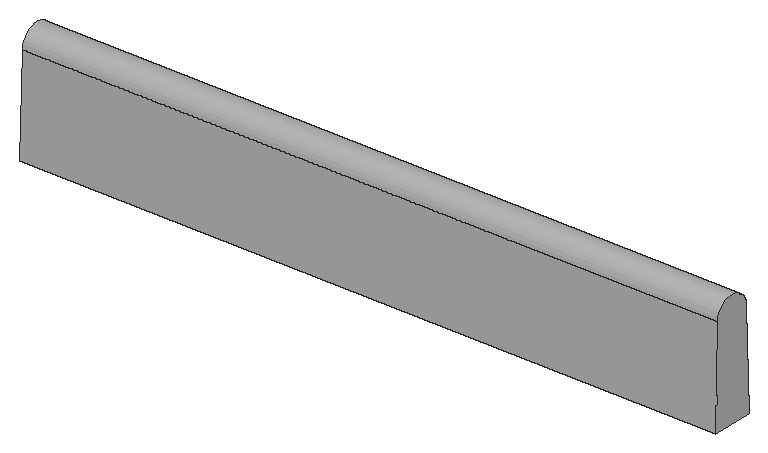
Revit family "K158 Round Top Kerb", category Generic Models, Revit 2020
Family settings
  Can host rebar = No
  Round Connector Dimension = Use Diameter
  Part Type = Normal
  Work Plane-Based = No
  Always vertical = Yes
  Cut with Voids When Loaded = No
  Shared = No
  Room Calculation Point = No
Parameters
  Weight = "19Kg."
  Warranty Guarantor Parts = "n/a"
  Warranty Guarantor Labour = "n/a"
  Warranty Duration Unit = "n/a"
  Warranty Duration Parts = "n/a"
  Warranty Duration Labour = "n/a"
  Warranty Description = "n/a"
  Unit Width [instance] = 54 mm
  Unit Length [instance] = 914 mm
  Unit Height [instance] = 152 mm
  URL = "www.killeshal.com"
  Types = "Single"
  Type Comments = "Visit our website for a full list of available products."
  Sustainability Performance = "n/a"
  Structural Class = "n/a"
  Span = "Length."
  Slope = "0.00°"
  Size = "54 Wide x 152 High x 914mm Long."
  Shape = "As per drawing"
  Service Life = "0.000000"
  Serial Number = "n/a"
  Resistance to Fire = "n/a"
  Replacement Cost = "n/a"
  Reference = "n/a"
  Notified Body = "n/a"
  Nominal Cover to Main Bar = "n/a"
  Model = "K/158 Kerb."
  Mechanical Resistance = "n/a"
  Manufacturer = "Killeshal Precast Concrete Ltd."
  Load Bearing = no
  Life Cycle Environmental Load = "n/a"
  Length Options = "914mm."
  Keynote = "The information contained is the sole property of KPC Ltd., any reproduction in part or whole without permission of KPC Ltd. is prohibited."
  Environmental Product Declaration = "n/a"
  Environmental Class = "n/a"
  Durability against Corrosion = "n/a"
  Dimension Accuracy Class = "I.S. EN 1340:2003"
  Detailing = "As per design specification and product drawings."
  Description = "6\" x 2\" Round Top Kerb."
  Default Elevation = 0 mm
  Dangerous Substances = "n/a"
  Contact Tel = "0035357 9353018"
  Contact Email = "sales@killeshal.com"
  Construction Type = "Precast"
  Construction Tolerance Class = "I.S. EN 1340:2003"
  Compressive Strength of Concrete = "n/a"
  Characteristics of Reinforcing Steel = "n/a"
  Characteristics Deflection Under Load = "n/a"
Reference planes
  plane 1 "Center (Front/Back)": y = 0
  plane 2: z = 0
  plane 3 "Center (Left/Right)": x = 0
  plane 4 "Rear": y = 27
  plane 5 "Center L/W": z = 152
  plane 6 "Center L/Y": y = -27
  plane 7 "Center L/Z": y = 22.5
  plane 8 "Center L/AA": y = -22.5
  plane 9 "Center L/BB": z = 132
Forms (mm)
  Extrusion 1, solid, material "Precast Concrete (KPC)"
    sketch origin (0, 0, 0) x (0, 1, 0) y (0, 0, 1)
      loop
        line (27, 0) -> (22.989, 129.711)
        arc (22.989, 129.711) -> (0, 152) -> (-22.989, 129.711) r 23
        line (-22.989, 129.711) -> (-27, 0) -> (27, 0)
    from 0 to 914
Dimensions and locks
  "Unit Length": Extrusion 1 to Extrusion 1
  "Unit Width": plane 4 "Rear" to plane 6 "Center L/Y"
  plane 7 "Center L/Z" to plane 8 "Center L/AA" = 45 mm
  "Unit Height": plane 5 "Center L/W" to level
  aligned and locked: level to plane 2
Automatic sketch dimensions
  Extrusion 1 sketch curve to level = 0 mm
  Extrusion 1 sketch curve to plane 6 "Center L/Y" = 0 mm
  Extrusion 1 sketch curve to plane 1 "Center (Front/Back)" = 0 mm
  Extrusion 1 sketch curve to plane 4 "Rear" = 0 mm
  Extrusion 1 sketch curve to plane 8 "Center L/AA" = 0.489 mm
  plane 7 "Center L/Z" to Extrusion 1 sketch curve = 0.489 mm
  Extrusion 1 sketch curve to plane 9 "Center L/BB" = 3 mm
  Extrusion 1 sketch curve to plane 9 "Center L/BB" = 2.289 mm
